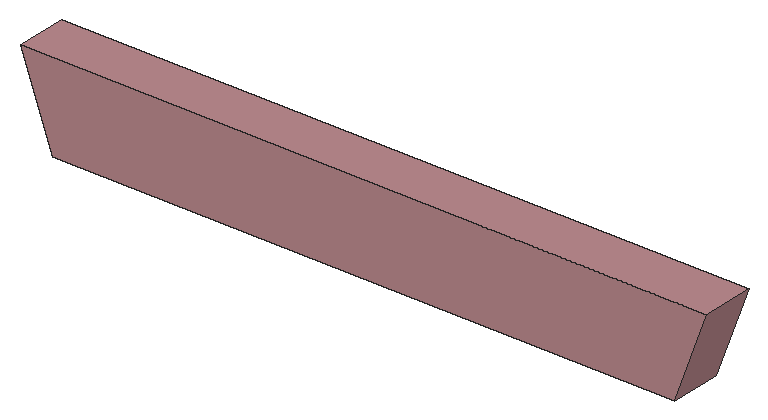
Revit family
Parameters (values of type "125 x 215mm Deep")
  Splay Angle = 20.00°
  Opening Width [instance] = 1210.0 mm
  Material Lintol = Masonry - Brick Soldier Course
  Lintol Width = 125.0 mm
  Lintol Offset from Ext = 25.0 mm
  Lintol Length [instance] = Opening Width + 2 * (Lintol Bearing)  # 1510.0 mm
  Lintol Depth = 215.0 mm
  Lintol Bearing = 150.0 mm
  Keynote = "F10"
  Height to U/S Lintol [instance] = 2110.0 mm
Types (2, lengths in mm): name | Lintol Depth
  125 x 215mm Deep | 215.0
  125 x 150mm Deep | 150.0
Reference planes
  plane 1 "Wall": y = -11.298
  plane 2 "Center (Left/Right)": x = 161.814
  plane 3 "Back": y = 138.702
  plane 4 "U/S Lintol": z = 2325
  plane 5: x = 766.814
  plane 6: x = -443.186
  plane 7: x = 916.814
  plane 8: x = -593.186
  plane 9: y = 163.702
  plane 10: y = 38.702
  plane 11: z = 2110
Forms (mm)
  Extrusion 1, void
    sketch origin (0, 138.702, 0) x (-1, 0, 0) y (0, 0, 1)
      loop
        line (-995.068, 2325) -> (-916.814, 2110) -> (593.186, 2110) -> (671.439, 2325) -> (-995.068, 2325)
    from 0 to -100
  Extrusion 2, solid, material "Masonry - Brick Soldier Course" <- "Material Lintol"
    sketch origin (0, 138.702, 0) x (1, 0, 0) y (0, 0, 1)
      loop
        line (995.068, 2325) -> (-671.439, 2325) -> (-593.186, 2110) -> (916.814, 2110) -> (995.068, 2325)
    from -25 to 100
Text (mm)
  text "Placement side" at (-1848.837, 1116.779, 0), in view "Ref. Level"
  text "Placement side" at (0, 1409.804, 2854.306), in view "Left"
  text "Placement side" at (0, 499.811, 2980.732), in view "Right"
Dimensions and locks
  locked: plane 3 "Back" to host wall
  equal spacing: plane 5, plane 2 "Center (Left/Right)", plane 6
  "Opening Width": plane 5 to plane 6
  "Lintol Bearing": plane 7 to plane 5
  "Lintol Bearing": plane 6 to plane 8
  "Lintol Offset from Ext": plane 3 "Back" to plane 9
  "Lintol Width": plane 10 to plane 9
  "Lintol Depth": plane 11 to plane 4 "U/S Lintol"
  "Height to U/S Lintol": level to plane 11
  "Splay Angle": angle plane 7 to Extrusion 1 sketch curve
  "Splay Angle": angle Extrusion 1 sketch curve to plane 8
  "Splay Angle": angle plane 7 to Extrusion 2 sketch curve
  "Splay Angle": angle Extrusion 2 sketch curve to plane 8
  aligned and locked: plane 1 "Wall" to host wall
  aligned and locked: Extrusion 1 to plane 10
  aligned and locked: host wall to Extrusion 1
  aligned and locked: plane 9 to Extrusion 2
  aligned and locked: Extrusion 2 to plane 10
Automatic sketch dimensions
  Extrusion 1 sketch curve to plane 7 = 0.0 mm
  Extrusion 1 sketch curve to plane 8 = 0.0 mm
  Extrusion 1 sketch curve to plane 4 "U/S Lintol" = 0.0 mm
  Extrusion 1 sketch curve to plane 11 = 0.0 mm
  Extrusion 2 sketch curve to plane 4 "U/S Lintol" = 0.0 mm
  Extrusion 2 sketch curve to plane 8 = 0.0 mm
  Extrusion 2 sketch curve to plane 7 = 0.0 mm
  Extrusion 2 sketch curve to plane 11 = 0.0 mm
